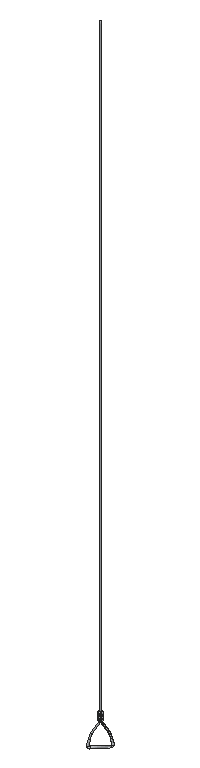
Revit family "Wire-HunterDouglas-Open_Cell", category Specialty Equipment, Revit 2013
Parameters (values of type "Parametric")
  Wire Hanger = Metal - Aluminum Frame - HunterDouglas - Painted White
  URL = "http://www.hunterdouglascontract.com/ceilings/index.jsp"
  Subcategory = "Metal – Cell Ceilings"  # constant formula
  Product Line = "Open Cell"  # constant formula
  Model = "Open Cell Hanger_Wire"  # constant formula
  Manufacturer = "Hunter Douglas Luxalon Metal Ceilings"  # constant formula
  Hanger Wire Height [instance] = 3' - 0"
  Description = "Hanger_Wire"  # constant formula
  Color Finishes = "http://www.hunterdouglascontract.com/ceilings/metalsystems/cellceiling/opencell/index.jsp?t=colorPage"
  Assembly Code = "C3030200"
  95 CSI = "09510"  # constant formula
  04 CSI = "09 51 00"  # constant formula
Reference planes (in)
  plane 1 "Center (Front/Back)": y = 0
  plane 2: z = 0
  plane 3 "Center (Left/Right)": x = 0
  plane 4: x = -0.77248
  plane 5: x = 0.77248
  plane 6: z = 2.4375
  plane 7: z = 2.5
  plane 8: z = 36
  plane 9: z = 36.21875
Dimensions and locks (in)
  equal spacing: plane 4, plane 3 "Center (Left/Right)", plane 5
  plane 4 to plane 5 = 0' - 1.54495"
  locked: plane 6 to plane 7 at 0.0625
  locked: plane 6 to level at 2.4375
  "Hanger Wire Height": plane 8 to level
  locked: plane 9 to plane 8 at 0.21875
  aligned and locked: level to plane 2
  aligned and locked: plane 3 "Center (Left/Right)" to nested 1
  aligned and locked: plane 1 "Center (Front/Back)" to nested 1
  aligned and locked: plane 6 to nested 1
Nested families (in)
  nested 1: "Wire" at (0, 0, 0), type "Wire"
Definition of nested family "Wire"
  Parameters (values of type "Wire")
    Wire Hanger = Metal - Aluminum Frame - HunterDouglas - Painted White
    URL = "http://www.hunterdouglascontract.com/ceilings/index.jsp"
    Subcategory = "Metal – Cell Ceilings"  # constant formula
    Product Line = "Open Cell"  # constant formula
    Model = "Open Cell Hanger_Wire"  # constant formula
    Manufacturer = "Hunter Douglas Luxalon Metal Ceilings"  # constant formula
    HangerWire Length = 3' - 0"
    Description = "Hanger_Wire"  # constant formula
    Assembly Code = "C3030200"
    95 CSI = "09510"  # constant formula
    04 CSI = "09 51 00"  # constant formula
  Reference planes (in)
    plane 1 "Center (Front/Back)": y = 0
    plane 2: z = 0
    plane 3 "Center (Left/Right)": x = 0
    plane 4: x = -0.77248
    plane 5: x = 0.77248
    plane 6: z = 2.4375
    plane 7: z = 2.5
    plane 8: z = 36
    plane 9: z = 36.21875
  Forms (in)
    Sweep 1, solid, material "Metal - Aluminum Frame - HunterDouglas - Painted White" <- "Wire Hanger", detail levels fine
      path origin (0, 0, 0) x (0.707107, 0.707107, 0) y (0, 0, 1)
        loop
          line (0.03125, 36.21875) -> (0.03125, 3.70793) -> (0.38236, 3.14135)
          arc (0.38236, 3.14135) -> (0.44435, 3.01623) -> (0.48166, 2.88166) r 0.73777
          line (0.48166, 2.88166) -> (0.5376, 2.56649)
          arc (0.5376, 2.56649) -> (0.51364, 2.47677) -> (0.42949, 2.4375) r 0.1098
          line (0.42949, 2.4375) -> (-0.42976, 2.4375)
          arc (-0.42976, 2.4375) -> (-0.51374, 2.47669) -> (-0.53765, 2.56622) r 0.10957
          line (-0.53765, 2.56622) -> (-0.48246, 2.87715)
          arc (-0.48246, 2.87715) -> (-0.44395, 3.01607) -> (-0.37995, 3.14524) r 0.76163
          line (-0.37995, 3.14524) -> (-0.0384, 3.69638)
      profile origin (-0.0001, -0.0001, 2.4375) x (0, 0, -1) y (0.707107, -0.707107, 0)
        loop
          circle (-0.03125, 0) r 0.03125
    Revolve 2, solid, material "Metal - Aluminum Frame - HunterDouglas - Painted White" <- "Wire Hanger", detail levels fine
      sketch origin (0.00705, -1.10535, 0.17393) x (0, 0.947216, -0.320596) y (0, 0.320596, 0.947216)
        loop
          line (-0.19925, 4.08974) -> (-0.26999, 4.08974)
          arc (-0.26999, 4.08974) -> (-0.30124, 4.05849) -> (-0.26999, 4.02724) r 0.03125
          line (-0.26999, 4.02724) -> (-0.19925, 4.02724) -> (-0.19925, 4.08974)
        axis (-0.19925, 4.02724) -> (-0.19925, 4.08974)
      angle from 0 to 360
    Revolve 3, solid, material "Metal - Aluminum Frame - HunterDouglas - Painted White" <- "Wire Hanger", detail levels fine
      sketch origin (0.00705, -1.10535, 0.04197) x (0, 0.947216, -0.320596) y (0, 0.320596, 0.947216)
        loop
          line (-0.19925, 4.08974) -> (-0.26999, 4.08974)
          arc (-0.26999, 4.08974) -> (-0.30124, 4.05849) -> (-0.26999, 4.02724) r 0.03125
          line (-0.26999, 4.02724) -> (-0.19925, 4.02724) -> (-0.19925, 4.08974)
        axis (-0.19925, 4.02724) -> (-0.19925, 4.08974)
      angle from 0 to 360
    Revolve 4, solid, material "Metal - Aluminum Frame - HunterDouglas - Painted White" <- "Wire Hanger", detail levels fine
      sketch origin (0.00705, -1.10535, 0.10916) x (0, 0.947216, -0.320596) y (0, 0.320596, 0.947216)
        loop
          line (-0.19925, 4.08974) -> (-0.26999, 4.08974)
          arc (-0.26999, 4.08974) -> (-0.30124, 4.05849) -> (-0.26999, 4.02724) r 0.03125
          line (-0.26999, 4.02724) -> (-0.19925, 4.02724) -> (-0.19925, 4.08974)
        axis (-0.19925, 4.02724) -> (-0.19925, 4.08974)
      angle from 0 to 360
    Revolve 5, solid, material "Metal - Aluminum Frame - HunterDouglas - Painted White" <- "Wire Hanger", detail levels fine
      sketch origin (0.00705, -1.10535, -0.02357) x (0, 0.947216, -0.320596) y (0, 0.320596, 0.947216)
        loop
          line (-0.19925, 4.08974) -> (-0.26999, 4.08974)
          arc (-0.26999, 4.08974) -> (-0.30124, 4.05849) -> (-0.26999, 4.02724) r 0.03125
          line (-0.26999, 4.02724) -> (-0.19925, 4.02724) -> (-0.19925, 4.08974)
        axis (-0.19925, 4.02724) -> (-0.19925, 4.08974)
      angle from 0 to 360
    Revolve 6, solid, material "Metal - Aluminum Frame - HunterDouglas - Painted White" <- "Wire Hanger", detail levels fine
      sketch origin (0.00705, -1.10535, -0.08912) x (0, 0.947216, -0.320596) y (0, 0.320596, 0.947216)
        loop
          line (-0.19925, 4.08974) -> (-0.26999, 4.08974)
          arc (-0.26999, 4.08974) -> (-0.30124, 4.05849) -> (-0.26999, 4.02724) r 0.03125
          line (-0.26999, 4.02724) -> (-0.19925, 4.02724) -> (-0.19925, 4.08974)
        axis (-0.19925, 4.02724) -> (-0.19925, 4.08974)
      angle from 0 to 360
    Revolve 7, solid, material "Metal - Aluminum Frame - HunterDouglas - Painted White" <- "Wire Hanger", detail levels fine
      sketch origin (0.00705, -1.10535, -0.15857) x (0, 0.947216, -0.320596) y (0, 0.320596, 0.947216)
        loop
          line (-0.19925, 4.08974) -> (-0.26999, 4.08974)
          arc (-0.26999, 4.08974) -> (-0.30124, 4.05849) -> (-0.26999, 4.02724) r 0.03125
          line (-0.26999, 4.02724) -> (-0.19925, 4.02724) -> (-0.19925, 4.08974)
        axis (-0.19925, 4.02724) -> (-0.19925, 4.08974)
      angle from 0 to 360
  Lines and regions (in)
    model lines, style "Wire", detail levels coarse+medium
      curve 1: line (0, 0, 36) -> (0, 0, 2.5)
    symbolic lines, style "Wire", detail levels fine
      curve 2: line (-0.38204, -0.33784, 0) -> (-0.08282, -0.03863, 0)
      curve 3: line (0.38204, 0.33784, 0) -> (0.09664, 0.05243, 0)
      curve 4: arc (0.33784, 0.38204, 0) -> (0.38204, 0.38204, 0) -> (0.38204, 0.33784, 0) r 0.03125
      curve 5: arc (-0.38204, -0.33784, 0) -> (-0.38204, -0.38204, 0) -> (-0.33784, -0.38204, 0) r 0.03125
      curve 6: circle (0.00691, 0.00691, 0) r 0.10062 normal (0, 0, 1)
      curve 7: circle (0, 0, 0) r 0.03125 normal (0, 0, 1)
      curve 8: line (0.05244, 0.09663, 0) -> (0.33784, 0.38204, 0)
      curve 9: line (-0.03862, -0.08282, 0) -> (-0.33784, -0.38204, 0)
      curve 14: line (-0.03122, 0, 36.21875) -> (0.03122, 0, 36.21875)
      curve 15: line (0.03122, 0, 36.21875) -> (0.03122, 0, 4.1081)
      curve 16: line (-0.02999, 0, 3.69117) -> (-0.27048, 0, 3.16052)
      curve 17: line (-0.39791, 0, 2.57083) -> (-0.33782, 0, 2.89346)
      curve 18: arc (-0.33782, 0, 2.89346) -> (-0.3161, 0, 3.03) -> (-0.27048, 0, 3.16052) r 0.77561
      curve 19: arc (-0.39791, 0, 2.57083) -> (-0.37867, 0, 2.48393) -> (-0.30275, 0, 2.4375) r 0.11373
      curve 20: line (0.08629, 0, 3.61911) -> (-0.02999, 0, 3.69117)
      curve 21: spline (-0.03122, 0, 3.69014) -> (-0.02944, 0, 3.69066) -> (-0.02594, 0, 3.69166) -> (-0.02092, 0, 3.6931) -> (-0.01467, 0, 3.69489) -> (-0.00756, 0, 3.69692) -> (0, 0, 3.69907) -> (0.00755, 0, 3.70122) -> (0.01466, 0, 3.70324) -> (0.02091, 0, 3.70501) -> (0.02594, 0, 3.70643) -> (0.02944, 0, 3.70742) -> (0.03122, 0, 3.70792)
      curve 22: line (0.00884, 0, 3.62544) -> (-0.21356, 0, 3.13472)
      curve 23: arc (-0.2757, 0, 2.88565) -> (-0.25593, 0, 3.013) -> (-0.21356, 0, 3.13472) r 0.71311
      curve 24: line (-0.33647, 0, 2.55939) -> (-0.2757, 0, 2.88565)
      curve 25: arc (-0.33647, 0, 2.55939) -> (-0.3278, 0, 2.52024) -> (-0.2936, 0, 2.49933) r 0.05123
      curve 26: line (0.03122, 0, 36.21875) -> (-0.03122, 0, 36.21875)
      curve 27: line (-0.03122, 0, 36.21875) -> (-0.03122, 0, 4.1296)
      curve 28: line (-0.2936, 0, 2.49933) -> (0, 0, 2.49933)
      curve 29: line (0, 0, 2.4375) -> (-0.30275, 0, 2.4375)
      curve 30: line (-0.03122, 0, 3.73252) -> (-0.03122, 0, 3.68845)
      curve 31: line (0.03122, 0, 3.68845) -> (0.27048, 0, 3.16052)
      curve 32: line (0.39791, 0, 2.57083) -> (0.33782, 0, 2.89346)
      curve 33: arc (0.33782, 0, 2.89346) -> (0.3161, 0, 3.03) -> (0.27048, 0, 3.16052) r 0.77561
      curve 34: arc (0.39791, 0, 2.57083) -> (0.37867, 0, 2.48393) -> (0.30275, 0, 2.4375) r 0.11373
      curve 35: spline (0.03122, 0, 3.69014) -> (0.02944, 0, 3.69066) -> (0.02594, 0, 3.69166) -> (0.02092, 0, 3.6931) -> (0.01467, 0, 3.69489) -> (0.00756, 0, 3.69692) -> (0, 0, 3.69907) -> (-0.00755, 0, 3.70122) -> (-0.01466, 0, 3.70324) -> (-0.02091, 0, 3.70501) -> (-0.02594, 0, 3.70643) -> (-0.02944, 0, 3.70742) -> (-0.03122, 0, 3.70792)
      curve 36: line (-0.00884, 0, 3.62544) -> (0.21356, 0, 3.13472)
      curve 37: arc (0.2757, 0, 2.88565) -> (0.25593, 0, 3.013) -> (0.21356, 0, 3.13472) r 0.71311
      curve 38: line (0.33647, 0, 2.55939) -> (0.2757, 0, 2.88565)
      curve 39: arc (0.33647, 0, 2.55939) -> (0.3278, 0, 2.52024) -> (0.2936, 0, 2.49933) r 0.05123
      curve 40: line (0.2936, 0, 2.49933) -> (0, 0, 2.49933)
      curve 41: line (0, 0, 2.4375) -> (0.30275, 0, 2.4375)
      curve 42: line (0.03122, 0, 3.73252) -> (0.03122, 0, 3.68845)
      curve 43: line (0, 0.03122, 3.68845) -> (0, 0.27048, 3.16052)
      curve 44: line (0, 0.39791, 2.57083) -> (0, 0.33782, 2.89346)
      curve 45: arc (0, 0.33782, 2.89346) -> (0, 0.3161, 3.03) -> (0, 0.27048, 3.16052) r 0.77561
      curve 46: arc (0, 0.39791, 2.57083) -> (0, 0.37867, 2.48393) -> (0, 0.30275, 2.4375) r 0.11373
      curve 47: line (0, -0.00884, 3.62544) -> (0, 0.21356, 3.13472)
      curve 48: arc (0, 0.2757, 2.88565) -> (0, 0.25593, 3.013) -> (0, 0.21356, 3.13472) r 0.71311
      curve 49: line (0, 0.33647, 2.55939) -> (0, 0.2757, 2.88565)
      curve 50: arc (0, 0.33647, 2.55939) -> (0, 0.3278, 2.52024) -> (0, 0.2936, 2.49933) r 0.05123
      curve 51: line (0, 0.2936, 2.49933) -> (0, 0, 2.49933)
      curve 52: line (0, 0, 2.4375) -> (0, 0.30275, 2.4375)
      curve 53: line (0, -0.03122, 3.68845) -> (0, -0.27048, 3.16052)
      curve 54: line (0, -0.39791, 2.57083) -> (0, -0.33782, 2.89346)
      curve 55: arc (0, -0.33782, 2.89346) -> (0, -0.3161, 3.03) -> (0, -0.27048, 3.16052) r 0.77561
      curve 56: arc (0, -0.39791, 2.57083) -> (0, -0.37867, 2.48393) -> (0, -0.30275, 2.4375) r 0.11373
      curve 57: line (0, 0.00884, 3.62544) -> (0, -0.21356, 3.13472)
      curve 58: arc (0, -0.2757, 2.88565) -> (0, -0.25593, 3.013) -> (0, -0.21356, 3.13472) r 0.71311
      curve 59: line (0, -0.33647, 2.55939) -> (0, -0.2757, 2.88565)
      curve 60: arc (0, -0.33647, 2.55939) -> (0, -0.3278, 2.52024) -> (0, -0.2936, 2.49933) r 0.05123
      curve 61: line (0, -0.2936, 2.49933) -> (0, 0, 2.49933)
      curve 62: line (0, 0, 2.4375) -> (0, -0.30275, 2.4375)
      curve 63: line (0, -0.03122, 3.73252) -> (0, -0.03122, 3.68845)
      curve 64: line (0, -0.04684, 4.13498) -> (0, 0.08788, 4.08859)
      curve 65: line (0, -0.07537, 4.07858) -> (0, 0.06749, 4.02939)
      curve 66: arc (0, 0.08788, 4.08859) -> (0, 0.10729, 4.0488) -> (0, 0.06749, 4.02939) r 0.03131
      curve 67: arc (0, -0.04684, 4.13498) -> (0, -0.08569, 4.11922) -> (0, -0.07537, 4.07858) r 0.0319
      curve 68: arc (0, 0.08788, 4.02237) -> (0, 0.10784, 3.98437) -> (0, 0.0711, 3.96216) r 0.03131
      curve 69: arc (0, -0.04684, 4.06876) -> (0, -0.08551, 4.05335) -> (0, -0.07602, 4.01282) r 0.0319
      curve 70: line (0, -0.07602, 4.01282) -> (0, 0.0711, 3.96216)
      curve 71: arc (0, 0.08788, 3.95615) -> (0, 0.10784, 3.91815) -> (0, 0.0711, 3.89594) r 0.03131
      curve 72: arc (0, -0.04684, 4.00254) -> (0, -0.08551, 3.98713) -> (0, -0.07602, 3.9466) r 0.0319
      curve 73: line (0, -0.07602, 3.9466) -> (0, 0.0711, 3.89594)
      curve 74: arc (0, 0.08788, 3.88993) -> (0, 0.10784, 3.85193) -> (0, 0.0711, 3.82972) r 0.03131
      curve 75: arc (0, -0.04684, 3.93632) -> (0, -0.08551, 3.92091) -> (0, -0.07602, 3.88038) r 0.0319
      curve 76: line (0, -0.07602, 3.88038) -> (0, 0.0711, 3.82972)
      curve 77: arc (0, 0.08788, 3.82371) -> (0, 0.10784, 3.78571) -> (0, 0.0711, 3.7635) r 0.03131
      curve 78: arc (0, -0.04684, 3.8701) -> (0, -0.08551, 3.85469) -> (0, -0.07602, 3.81416) r 0.0319
      curve 79: line (0, -0.07602, 3.81416) -> (0, 0.0711, 3.7635)
      curve 80: arc (0, 0.08788, 3.75749) -> (0, 0.10784, 3.71949) -> (0, 0.0711, 3.69728) r 0.03131
      curve 81: arc (0, -0.04684, 3.80388) -> (0, -0.08551, 3.78847) -> (0, -0.07602, 3.74794) r 0.0319
      curve 82: line (0, -0.07602, 3.74794) -> (0, 0.0711, 3.69728)
      curve 83: line (0, -0.03122, 3.73252) -> (0, -0.03122, 3.68845)
      curve 84: spline (0, 0.03122, 3.69014) -> (0, 0.02944, 3.69066) -> (0, 0.02594, 3.69166) -> (0, 0.02092, 3.6931) -> (0, 0.01467, 3.69489) -> (0, 0.00756, 3.69692) -> (0, 0, 3.69907) -> (0, -0.00755, 3.70122) -> (0, -0.01466, 3.70324) -> (0, -0.02091, 3.70501) -> (0, -0.02594, 3.70643) -> (0, -0.02944, 3.70742) -> (0, -0.03122, 3.70792)
      curve 85: line (0, 0.03122, 3.71102) -> (0, 0.03122, 3.68845)
    symbolic lines, style "Wire"
      curve 10: line (0, 0.03125, 36.21875) -> (0, -0.03125, 36.21875)
      curve 11: line (0, -0.03125, 36.21875) -> (0, -0.03125, 4.05165)
      curve 12: arc (0, 0.03125, 4.05165) -> (0, 0, 4.04216) -> (0, -0.03125, 4.05165) r 0.05621
      curve 13: line (0, 0.03125, 4.05165) -> (0, 0.03125, 36.21875)
      curve 86: arc (-0.07801, 0, 3.78381) -> (-0.09482, 0, 3.81838) -> (-0.07483, 0, 3.85122) r 0.04011
      curve 87: arc (-0.07459, 0, 3.85136) -> (-0.03526, 0, 3.86711) -> (0.00686, 0, 3.87167) r 0.15569
      curve 88: arc (0.09173, 0, 3.78381) -> (0.10854, 0, 3.81838) -> (0.08855, 0, 3.85122) r 0.04011
      curve 89: arc (0.0883, 0, 3.85136) -> (0.04898, 0, 3.86711) -> (0.00686, 0, 3.87167) r 0.15569
      curve 90: arc (-0.07483, 0, 3.85122) -> (-0.09482, 0, 3.88413) -> (-0.07788, 0, 3.91872) r 0.04011
      curve 91: arc (-0.07459, 0, 3.92081) -> (-0.03526, 0, 3.93656) -> (0.00686, 0, 3.94112) r 0.15569
      curve 92: arc (0.08855, 0, 3.85122) -> (0.10858, 0, 3.88609) -> (0.0883, 0, 3.92081) r 0.04011
      curve 93: arc (0.0883, 0, 3.92081) -> (0.04898, 0, 3.93656) -> (0.00686, 0, 3.94112) r 0.15569
      curve 94: arc (-0.07788, 0, 3.91872) -> (-0.09482, 0, 3.95344) -> (-0.07459, 0, 3.98635) r 0.04011
      curve 95: arc (-0.07459, 0, 3.98635) -> (-0.03526, 0, 4.0021) -> (0.00686, 0, 4.00666) r 0.15569
      curve 96: arc (0.0916, 0, 3.91872) -> (0.10853, 0, 3.95344) -> (0.0883, 0, 3.98635) r 0.04011
      curve 97: arc (0.0883, 0, 3.98635) -> (0.04898, 0, 4.0021) -> (0.00686, 0, 4.00666) r 0.15569
      curve 98: arc (-0.07788, 0, 3.98426) -> (-0.09486, 0, 4.01703) -> (-0.07788, 0, 4.0498) r 0.04011
      curve 99: arc (-0.07459, 0, 4.05189) -> (-0.03526, 0, 4.06764) -> (0.00686, 0, 4.0722) r 0.15569
      curve 100: arc (0.0916, 0, 3.98426) -> (0.10858, 0, 4.01703) -> (0.0916, 0, 4.0498) r 0.04011
      curve 101: arc (0.0883, 0, 4.05189) -> (0.04898, 0, 4.06764) -> (0.00686, 0, 4.0722) r 0.15569
      curve 102: arc (-0.07788, 0, 4.0498) -> (-0.09482, 0, 4.08452) -> (-0.07459, 0, 4.11744) r 0.04011
      curve 103: arc (-0.07459, 0, 4.11744) -> (-0.03526, 0, 4.13318) -> (0.00686, 0, 4.13774) r 0.15569
      curve 104: arc (0.0916, 0, 4.0498) -> (0.10853, 0, 4.08452) -> (0.0883, 0, 4.11744) r 0.04011
      curve 105: arc (0.0883, 0, 4.11744) -> (0.04898, 0, 4.13318) -> (0.00686, 0, 4.13774) r 0.15569
      curve 106: arc (-0.07788, 0, 3.71818) -> (-0.09482, 0, 3.75291) -> (-0.07459, 0, 3.78582) r 0.04011
      curve 107: arc (-0.07801, 0, 3.78381) -> (-0.03718, 0, 3.80107) -> (0.00686, 0, 3.80613) r 0.15569
      curve 108: arc (0.0916, 0, 3.71818) -> (0.10853, 0, 3.75291) -> (0.0883, 0, 3.78582) r 0.04011
      curve 109: arc (0.09173, 0, 3.78381) -> (0.0509, 0, 3.80107) -> (0.00686, 0, 3.80613) r 0.15569
      curve 110: arc (-0.07788, 0, 3.71818) -> (-0.05245, 0, 3.70483) -> (-0.02439, 0, 3.69871) r 0.10721
      curve 111: arc (0.0916, 0, 3.71818) -> (0.06617, 0, 3.70483) -> (0.03811, 0, 3.69871) r 0.10721
  Dimensions and locks (in)
    equal spacing: plane 4, plane 3 "Center (Left/Right)", plane 5
    plane 4 to plane 5 = 0' - 1.54495"
    locked: plane 6 to plane 7 at 0.0625
    locked: plane 6 to level at 2.4375
    "HangerWire Length": plane 8 to level
    locked: plane 9 to plane 8 at 0.21875
    aligned and locked: level to plane 2
    aligned and locked: Sweep 1 sketch curve to plane 6
    aligned and locked: curve 1 to plane 3 "Center (Left/Right)"
    aligned and locked: plane 7 to curve 1
    aligned and locked: plane 8 to curve 1
    aligned and locked: plane 9 to curve 26
    aligned and locked: plane 9 to Sweep 1 sketch curve
    aligned and locked: curve 10 to plane 9
  Automatic sketch dimensions
    curve 12 to plane 1 "Center (Front/Back)" = 0' - 0"
    plane 1 "Center (Front/Back)" to curve 11 = 0' - 0 1/32"
    curve 13 to plane 1 "Center (Front/Back)" = 0' - 0 1/32"
    curve 12 to curve 12 = 0' - 0.04672"
    curve 18 to curve 23 = 0' - 0"  (x2)
    curve 19 to curve 25 = 0' - 0"  (x2)
    curve 33 to curve 37 = 0' - 0"  (x2)
    curve 34 to curve 39 = 0' - 0"  (x2)
    curve 19 to plane 6 = 0' - 0"
    curve 41 to plane 3 "Center (Left/Right)" = 0' - 0"
    curve 40 to plane 3 "Center (Left/Right)" = 0' - 0"
    curve 35 to plane 3 "Center (Left/Right)" = 0' - 0"
    curve 36 to plane 3 "Center (Left/Right)" = 0' - 0.00884"
    curve 16 to plane 3 "Center (Left/Right)" = 0' - 0.02999"
    curve 14 to plane 3 "Center (Left/Right)" = 0' - 0.03122"
    curve 35 to curve 16 = 0' - 0.00123"
    curve 21 to curve 21 = 0' - 0.00021"
    curve 22 to plane 3 "Center (Left/Right)" = 0' - 0.21356"
    curve 18 to curve 23 = 0' - 0.05693"
    curve 23 to curve 22 = 0' - 0.06215"
    plane 7 to curve 19 = 0' - 0.05001"
    curve 19 to plane 3 "Center (Left/Right)" = 0' - 0.2861"
    curve 25 to plane 7 = 0' - 0.00067"
    curve 25 to curve 19 = 0' - 0.0075"
    curve 29 to curve 28 = 0' - 0.00915"
    curve 25 to curve 19 = 0' - 0.05037"
    curve 17 to curve 23 = 0' - 0.06212"
    plane 7 to curve 17 = 0' - 0.07083"
    curve 37 to curve 17 = 0' - 0.09814"
    plane 3 "Center (Left/Right)" to curve 21 = 0' - 0"
    plane 3 "Center (Left/Right)" to curve 22 = 0' - 0.00884"
    plane 3 "Center (Left/Right)" to curve 42 = 0' - 0.03122"
    plane 3 "Center (Left/Right)" to curve 14 = 0' - 0.03122"
    curve 35 to curve 31 = 0' - 0"
    curve 35 to curve 35 = 0' - 0.00021"
    curve 22 to curve 20 = 0' - 0.07745"
    plane 3 "Center (Left/Right)" to curve 37 = 0' - 0.21356"
    curve 36 to curve 31 = 0' - 0.05693"
    curve 37 to curve 38 = 0' - 0.06215"
    plane 7 to curve 39 = 0' - 0.05001"
    plane 3 "Center (Left/Right)" to curve 39 = 0' - 0.2861"
    curve 34 to curve 40 = 0' - 0.0075"
    curve 39 to curve 34 = 0' - 0.00915"
    curve 34 to curve 39 = 0' - 0.05037"
    curve 38 to curve 33 = 0' - 0.06212"
    curve 38 to curve 34 = 0' - 0.06144"
    curve 33 to curve 23 = 0' - 0.09814"
    curve 19 to curve 33 = 0' - 0 69/256"
    curve 34 to curve 18 = 0' - 0 69/256"
    curve 33 to curve 23 = 0' - 0.04529"
    curve 18 to curve 37 = 0' - 0.04529"
    curve 38 to curve 32 = 0' - 0 1/128"
    curve 23 to curve 18 = 0' - 0 1/128"
    curve 33 to curve 20 = 0' - 0.4586"
    curve 20 to curve 36 = 0' - 0.00633"
    curve 22 to curve 36 = 0' - 0"
    curve 36 to curve 30 = 0' - 0.06301"
    curve 42 to curve 16 = 0' - 0.00272"
    curve 31 to curve 35 = 0' - 0.00163"
    curve 30 to curve 21 = 0' - 0.00163"
    curve 35 to curve 35 = 0' - 0.00006"
    curve 21 to curve 21 = 0' - 0.00006"
    curve 35 to curve 30 = 0' - 0.0246"
    curve 21 to curve 42 = 0' - 0.0246"
    curve 42 to curve 15 = 0' - 0.37558"
    curve 15 to curve 27 = 0' - 0.0215"
    plane 1 "Center (Front/Back)" to curve 7 = 0' - 0"
    curve 7 to plane 3 "Center (Left/Right)" = 0' - 0"
    curve 9 to plane 3 "Center (Left/Right)" = 0' - 0.03862"
    plane 1 "Center (Front/Back)" to curve 2 = 0' - 0.03863"
    curve 2 to curve 9 = 0' - 0.0442"
    curve 5 to plane 3 "Center (Left/Right)" = 0' - 0.33784"
    curve 5 to curve 9 = 0' - 0.0221"
    curve 5 to curve 5 = 0' - 0.0221"
    plane 3 "Center (Left/Right)" to curve 6 = 0' - 0.00691"
    plane 3 "Center (Left/Right)" to curve 8 = 0' - 0.05244"
    curve 8 to curve 3 = 0' - 0.0442"
    plane 3 "Center (Left/Right)" to curve 4 = 0' - 0.33784"
    curve 4 to curve 4 = 0' - 0.0221"
    curve 4 to curve 3 = 0' - 0.0221"
    curve 9 to curve 2 = 0' - 0.0442"
    plane 1 "Center (Front/Back)" to curve 2 = 0' - 0.33784"
    curve 5 to curve 2 = 0' - 0.0221"
    curve 4 to plane 1 "Center (Front/Back)" = 0' - 0.33784"
    curve 3 to curve 4 = 0' - 0.0221"
    plane 7 to Sweep 1 sketch curve = 0' - 0.06622"
    plane 7 to Sweep 1 sketch curve = 0' - 0.37715"
    Sweep 1 sketch curve to Sweep 1 sketch curve = 0' - 0.05519"
    Sweep 1 sketch curve to Sweep 1 sketch curve = 0' - 0.10788"
    Sweep 1 sketch curve to Sweep 1 sketch curve = 0' - 0.10251"
    Sweep 1 sketch curve to Sweep 1 sketch curve = 0' - 0.2377"
    plane 7 to Sweep 1 sketch curve = 0' - 1.19638"
    Sweep 1 sketch curve to Sweep 1 sketch curve = 0' - 0.34154"
    Sweep 1 sketch curve to Sweep 1 sketch curve = 0' - 0.06965"
    plane 7 to Sweep 1 sketch curve = 0' - 0.24405"
    Sweep 1 sketch curve to Sweep 1 sketch curve = 0' - 0.51221"
    Sweep 1 sketch curve to Sweep 1 sketch curve = 0' - 0.1149"
    Sweep 1 sketch curve to Sweep 1 sketch curve = 0' - 0.16204"
    Sweep 1 sketch curve to Sweep 1 sketch curve = 0' - 0.21421"
    plane 7 to Sweep 1 sketch curve = 0' - 0.06649"
    Sweep 1 sketch curve to Sweep 1 sketch curve = 0' - 0.10811"
    plane 7 to Sweep 1 sketch curve = 0' - 0.25273"
    Sweep 1 sketch curve to Sweep 1 sketch curve = 0' - 0.13761"
    Sweep 1 sketch curve to Sweep 1 sketch curve = 0' - 0.01154"
    Sweep 1 sketch curve to profile plane = 0' - 0"
    profile plane to Sweep 1 sketch curve = 0' - 0 1/32"
    plane 1 "Center (Front/Back)" to Revolve 2 sketch curve = 0' - 0.06997"
    plane 7 to Revolve 2 sketch curve = 0' - 1.57516"
    Revolve 2 sketch curve to Revolve 2 sketch curve = 0' - 0.07074"
    Revolve 2 sketch curve to Revolve 2 sketch curve = 0' - 0"  (x2)
    Revolve 2 sketch curve to Revolve 2 sketch curve = 0' - 0 1/32"
    Revolve 2 sketch curve to Revolve 2 sketch curve = 0' - 0.02781"
    plane 1 "Center (Front/Back)" to Revolve 3 sketch curve = 0' - 0.06997"
    plane 7 to Revolve 3 sketch curve = 0' - 1.44319"
    Revolve 3 sketch curve to Revolve 3 sketch curve = 0' - 0.07074"
    Revolve 3 sketch curve to Revolve 3 sketch curve = 0' - 0"  (x2)
    Revolve 3 sketch curve to Revolve 3 sketch curve = 0' - 0 1/32"
    Revolve 3 sketch curve to Revolve 3 sketch curve = 0' - 0.02781"
    curve 45 to curve 48 = 0' - 0"  (x2)
    curve 46 to curve 50 = 0' - 0"  (x2)
    curve 55 to curve 58 = 0' - 0"  (x2)
    curve 56 to curve 60 = 0' - 0"  (x2)
    plane 6 to curve 46 = 0' - 0"
    curve 61 to plane 1 "Center (Front/Back)" = 0' - 0"
    curve 52 to plane 1 "Center (Front/Back)" = 0' - 0"
    curve 57 to plane 1 "Center (Front/Back)" = 0' - 0.00884"
    curve 85 to plane 1 "Center (Front/Back)" = 0' - 0.03122"
    curve 84 to curve 43 = 0' - 0"
    curve 84 to curve 84 = 0' - 0.00021"
    curve 65 to plane 1 "Center (Front/Back)" = 0' - 0.06749"
    curve 73 to plane 1 "Center (Front/Back)" = 0' - 0.0711"
    curve 68 to curve 71 = 0' - 0"
    curve 79 to curve 85 = 0' - 0.03988"
    curve 82 to curve 84 = 0' - 0.03967"
    curve 76 to curve 73 = 0' - 0"
    curve 74 to curve 74 = 0' - 0.00658"
    curve 68 to curve 68 = 0' - 0.00658"
    curve 77 to curve 79 = 0' - 0.00658"
    curve 80 to curve 80 = 0' - 0.00658"
    curve 71 to curve 73 = 0' - 0.00658"
    curve 66 to curve 66 = 0' - 0.01019"
    curve 80 to curve 79 = 0' - 0.01678"
    curve 77 to curve 76 = 0' - 0.01678"
    curve 64 to curve 66 = 0' - 0.01019"
    curve 71 to curve 70 = 0' - 0.01678"
    curve 68 to curve 66 = 0' - 0.02038"
    curve 74 to curve 73 = 0' - 0.01678"
    curve 48 to plane 1 "Center (Front/Back)" = 0' - 0.21356"
    curve 45 to curve 47 = 0' - 0.05693"
    curve 48 to curve 48 = 0' - 0.06215"
    plane 7 to curve 46 = 0' - 0.05001"
    curve 46 to plane 1 "Center (Front/Back)" = 0' - 0.2861"
    curve 50 to plane 7 = 0' - 0.00067"
    curve 50 to curve 46 = 0' - 0.0075"
    curve 52 to curve 50 = 0' - 0.00915"
    plane 7 to curve 49 = 0' - 0.05939"
    curve 44 to curve 48 = 0' - 0.06212"
    curve 46 to curve 49 = 0' - 0.06144"
    curve 55 to curve 45 = 0' - 0.09814"
    plane 1 "Center (Front/Back)" to curve 84 = 0' - 0"
    plane 1 "Center (Front/Back)" to curve 47 = 0' - 0.00884"
    plane 1 "Center (Front/Back)" to curve 83 = 0' - 0.03122"
    plane 1 "Center (Front/Back)" to curve 64 = 0' - 0.04684"
    plane 1 "Center (Front/Back)" to curve 69 = 0' - 0.04684"
    plane 1 "Center (Front/Back)" to curve 72 = 0' - 0.04684"
    plane 1 "Center (Front/Back)" to curve 81 = 0' - 0.04684"
    plane 1 "Center (Front/Back)" to curve 78 = 0' - 0.04684"
    plane 1 "Center (Front/Back)" to curve 75 = 0' - 0.04684"
    curve 72 to curve 72 = 0' - 0.01039"
    curve 67 to curve 67 = 0' - 0.01039"
    curve 81 to curve 81 = 0' - 0.01039"
    curve 69 to curve 69 = 0' - 0.01039"
    curve 78 to curve 78 = 0' - 0.01039"
    curve 75 to curve 75 = 0' - 0.01039"
    curve 69 to curve 67 = 0' - 0.02853"
    curve 75 to curve 73 = 0' - 0.02918"
    curve 72 to curve 69 = 0' - 0.02918"
    curve 81 to curve 81 = 0' - 0.01879"
    curve 78 to curve 75 = 0' - 0.02918"
    curve 81 to curve 79 = 0' - 0.02918"
    plane 1 "Center (Front/Back)" to curve 57 = 0' - 0.21356"
    curve 57 to curve 55 = 0' - 0.05693"
    curve 58 to curve 58 = 0' - 0.06215"
    plane 7 to curve 60 = 0' - 0.05001"
    plane 1 "Center (Front/Back)" to curve 60 = 0' - 0.2861"
    curve 56 to curve 60 = 0' - 0.0075"
    curve 60 to curve 62 = 0' - 0.00915"
    curve 56 to curve 60 = 0' - 0.05037"
    curve 58 to curve 55 = 0' - 0.06212"
    plane 7 to curve 54 = 0' - 0.07083"
    curve 54 to curve 45 = 0' - 0.09814"
    curve 56 to curve 45 = 0' - 0 69/256"
    curve 44 to curve 55 = 0' - 0 69/256"
    curve 45 to curve 59 = 0' - 0.04529"
    curve 55 to curve 49 = 0' - 0.04529"
    curve 58 to curve 54 = 0' - 0 1/128"
    curve 48 to curve 44 = 0' - 0 1/128"
    curve 57 to curve 47 = 0' - 0.49072"
    curve 57 to curve 47 = 0' - 0"
    curve 47 to curve 53 = 0' - 0.06301"
    curve 43 to curve 53 = 0' - 0"
    curve 43 to curve 84 = 0' - 0.00163"
    curve 84 to curve 84 = 0' - 0.00006"
    curve 84 to curve 80 = 0' - 0.00721"
    curve 84 to curve 85 = 0' - 0.02087"
    curve 80 to curve 80 = 0' - 0.03061"
    curve 80 to curve 79 = 0' - 0.00601"
    curve 81 to curve 81 = 0' - 0.02577"
    curve 79 to curve 77 = 0' - 0.03061"
    curve 81 to curve 79 = 0' - 0.01028"
    curve 77 to curve 74 = 0' - 0.00601"
    curve 78 to curve 78 = 0' - 0.02577"
    curve 74 to curve 74 = 0' - 0.03061"
    curve 78 to curve 75 = 0' - 0.01028"
    curve 74 to curve 73 = 0' - 0.00601"
    curve 75 to curve 75 = 0' - 0.02577"
    curve 73 to curve 71 = 0' - 0.03061"
    curve 75 to curve 72 = 0' - 0.01028"
    curve 71 to curve 68 = 0' - 0.00601"
    curve 72 to curve 72 = 0' - 0.02577"
    curve 68 to curve 68 = 0' - 0.03061"
    curve 72 to curve 69 = 0' - 0.01028"
    curve 68 to curve 66 = 0' - 0.00702"
    curve 70 to curve 69 = 0' - 0.02577"
    curve 66 to curve 66 = 0' - 0.0296"
    curve 65 to curve 67 = 0' - 0.02623"
    curve 86 to plane 3 "Center (Left/Right)" = 0' - 0.07801"
    curve 94 to plane 3 "Center (Left/Right)" = 0' - 0.07788"
    curve 98 to curve 94 = 0' - 0"
    curve 98 to curve 98 = 0' - 0"
    curve 107 to curve 110 = 0' - 0.00013"
    curve 86 to curve 90 = 0' - 0.00318"
    curve 102 to curve 99 = 0' - 0.0033"
    curve 98 to curve 95 = 0' - 0.0033"
    curve 90 to curve 87 = 0' - 0.00025"
    curve 86 to curve 106 = 0' - 0.00342"
    curve 94 to curve 91 = 0' - 0.0033"
    curve 94 to curve 95 = 0' - 0"
    curve 102 to curve 99 = 0' - 0"
    curve 103 to curve 102 = 0' - 0"
    curve 110 to curve 106 = 0' - 0.02313"
    curve 106 to curve 86 = 0' - 0.01984"
    curve 99 to curve 102 = 0' - 0.01984"
    curve 87 to curve 90 = 0' - 0.01984"
    curve 91 to curve 94 = 0' - 0.01984"
    curve 95 to curve 98 = 0' - 0.01984"
    curve 110 to plane 3 "Center (Left/Right)" = 0' - 0.02439"
    curve 110 to plane 3 "Center (Left/Right)" = 0' - 0.01579"
    plane 3 "Center (Left/Right)" to curve 107 = 0' - 0.00241"
    plane 3 "Center (Left/Right)" to curve 99 = 0' - 0.00241"
    plane 3 "Center (Left/Right)" to curve 91 = 0' - 0.00241"
    plane 3 "Center (Left/Right)" to curve 87 = 0' - 0.00241"
    plane 3 "Center (Left/Right)" to curve 103 = 0' - 0.00241"
    plane 3 "Center (Left/Right)" to curve 95 = 0' - 0.00241"
    plane 3 "Center (Left/Right)" to curve 103 = 0' - 0.00686"
    plane 3 "Center (Left/Right)" to curve 101 = 0' - 0.00686"
    plane 3 "Center (Left/Right)" to curve 97 = 0' - 0.00686"
    plane 3 "Center (Left/Right)" to curve 87 = 0' - 0.00686"
    plane 3 "Center (Left/Right)" to curve 109 = 0' - 0.00686"
    plane 3 "Center (Left/Right)" to curve 91 = 0' - 0.00686"
    curve 107 to curve 109 = 0' - 0.00891"
    curve 103 to curve 105 = 0' - 0.00891"
    curve 99 to curve 101 = 0' - 0.00891"
    curve 87 to curve 89 = 0' - 0.00891"
    curve 91 to curve 93 = 0' - 0.00891"
    curve 95 to curve 97 = 0' - 0.00891"
    curve 107 to curve 111 = 0' - 0.02264"
    curve 89 to curve 111 = 0' - 0.0268"
    curve 87 to curve 92 = 0' - 0.06161"
    curve 99 to curve 104 = 0' - 0.06161"
    curve 111 to curve 88 = 0' - 0.03896"
    curve 91 to curve 96 = 0' - 0.06161"
    curve 111 to curve 108 = 0' - 0.03036"
    curve 97 to curve 100 = 0' - 0.06161"
    curve 96 to curve 93 = 0' - 0.01984"
    curve 104 to curve 101 = 0' - 0.01984"
    curve 100 to curve 97 = 0' - 0.01984"
    curve 92 to curve 89 = 0' - 0.01984"
    curve 96 to curve 97 = 0' - 0"
    curve 104 to curve 104 = 0' - 0.01984"
    curve 105 to curve 104 = 0' - 0"
    curve 92 to curve 93 = 0' - 0"
    curve 88 to curve 108 = 0' - 0.01984"
    curve 89 to curve 88 = 0' - 0.00025"
    curve 108 to curve 111 = 0' - 0.02313"
    curve 92 to curve 96 = 0' - 0.0033"
    curve 101 to curve 100 = 0' - 0.0033"
    curve 96 to curve 100 = 0' - 0.0033"
    curve 108 to curve 109 = 0' - 0.00342"
    plane 7 to curve 107 = 0' - 1.1505"
    curve 109 to curve 107 = 0' - 0"
    curve 107 to curve 110 = 0' - 0.04821"
    curve 109 to curve 111 = 0' - 0.04821"
    curve 111 to curve 89 = 0' - 0.01733"
    curve 87 to curve 89 = 0' - 0"
    curve 111 to curve 108 = 0' - 0.01947"
    curve 110 to curve 110 = 0' - 0.01947"
    curve 111 to curve 108 = 0' - 0.03277"
    curve 110 to curve 106 = 0' - 0.03277"
    curve 109 to curve 108 = 0' - 0.00201"
    curve 93 to curve 107 = 0' - 0.02063"
    curve 91 to curve 93 = 0' - 0"
    curve 108 to curve 88 = 0' - 0.03068"
    curve 106 to curve 86 = 0' - 0.03068"
    curve 109 to curve 95 = 0' - 0.04491"
    curve 97 to curve 95 = 0' - 0"
    curve 90 to curve 87 = 0' - 0.00014"
    curve 87 to curve 90 = 0' - 0.03458"
    curve 101 to curve 91 = 0' - 0.02454"
    curve 99 to curve 101 = 0' - 0"
    curve 103 to curve 95 = 0' - 0.02454"
    curve 105 to curve 103 = 0' - 0"
    curve 100 to curve 96 = 0' - 0.00209"
    curve 98 to curve 95 = 0' - 0.00209"
    curve 97 to curve 100 = 0' - 0.03068"
    curve 100 to curve 101 = 0' - 0.00209"
    plane 1 "Center (Front/Back)" to Revolve 4 sketch curve = 0' - 0.06997"
    plane 7 to Revolve 4 sketch curve = 0' - 1.51039"
    Revolve 4 sketch curve to Revolve 4 sketch curve = 0' - 0.07074"
    Revolve 4 sketch curve to Revolve 4 sketch curve = 0' - 0"  (x2)
    Revolve 4 sketch curve to Revolve 4 sketch curve = 0' - 0 1/32"
    Revolve 4 sketch curve to Revolve 4 sketch curve = 0' - 0.02781"
    plane 1 "Center (Front/Back)" to Revolve 5 sketch curve = 0' - 0.06997"
    plane 7 to Revolve 5 sketch curve = 0' - 1.37765"
    Revolve 5 sketch curve to Revolve 5 sketch curve = 0' - 0.07074"
    Revolve 5 sketch curve to Revolve 5 sketch curve = 0' - 0"  (x2)
    Revolve 5 sketch curve to Revolve 5 sketch curve = 0' - 0 1/32"
    Revolve 5 sketch curve to Revolve 5 sketch curve = 0' - 0.02781"
    plane 1 "Center (Front/Back)" to Revolve 6 sketch curve = 0' - 0.06997"
    plane 7 to Revolve 6 sketch curve = 0' - 1.31211"
    Revolve 6 sketch curve to Revolve 6 sketch curve = 0' - 0.07074"
    Revolve 6 sketch curve to Revolve 6 sketch curve = 0' - 0"  (x2)
    Revolve 6 sketch curve to Revolve 6 sketch curve = 0' - 0 1/32"
    Revolve 6 sketch curve to Revolve 6 sketch curve = 0' - 0.02781"
    plane 1 "Center (Front/Back)" to Revolve 7 sketch curve = 0' - 0.06997"
    plane 7 to Revolve 7 sketch curve = 0' - 1.24266"
    Revolve 7 sketch curve to Revolve 7 sketch curve = 0' - 0.07074"
    Revolve 7 sketch curve to Revolve 7 sketch curve = 0' - 0"  (x2)
    Revolve 7 sketch curve to Revolve 7 sketch curve = 0' - 0 1/32"
    Revolve 7 sketch curve to Revolve 7 sketch curve = 0' - 0.02781"
    plane 7 to curve 12 = 0' - 1.59837"
    radius of curve 7 = 0' - 0 1/32"
    radius of Sweep 1 sketch curve = 0' - 0 1/32"
